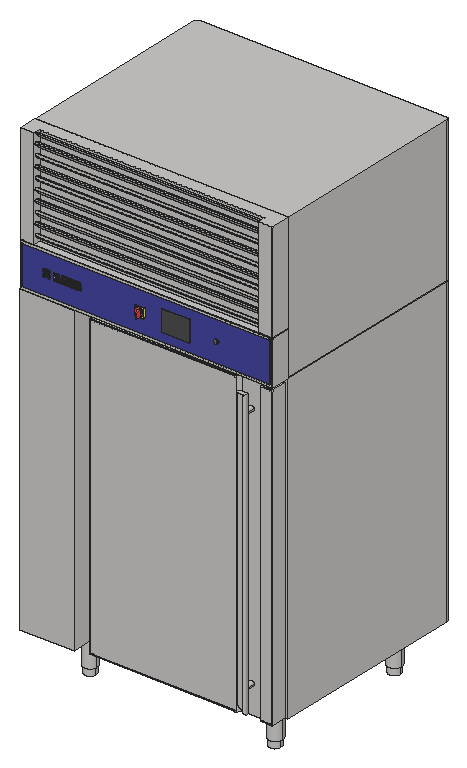
Revit family "QF_NuovAIR_P15.2----", category Specialty Equipment, Revit 2019
Family settings
  Round Connector Dimension = Use Diameter
  Part Type = Normal
  Work Plane-Based = No
  Always vertical = Yes
  Cut with Voids When Loaded = No
  Shared = No
  Room Calculation Point = No
Parameters (values of type "P15.2_LH_400V 50A")
  Weight = 360.00 kg
  Volts = 400 V
  Volt Free Conn = no
  URL Manufacturer = "https://www.nuovair.com/"
  URL Cutsheet = "P15.2-en.pdf"
  URL = ""
  Show Logo [instance] = yes
  Show Clearance [instance] = no
  Refrigeration Suction Line Size = 0 mm
  Refrigeration Liquid Line Size = 0 mm
  Refrigeration Energy Efficiency Index = ""
  Refrigeration Climate Class = ""
  Refrigerant Type = "R452a"
  Refrigerant Compressor Remote = no
  Potential Equalisation = yes
  Phase = 3
  Number of Poles = 3
  Model = "P15.2"
  Mat_Legs = QF_Stainless-Brushed
  Mat_Handle = QF_Stainless-Brushed
  Mat_Clearance = QF_Clearance
  Mat_Case = QF_Stainless-Brushed
  Masterspec = ""
  Manufacturer = "NUOVAIR"
  Main switch integrated = no
  Length Actual = 1085 mm  # constant formula
  Legs_R2 = 25 mm  # constant formula
  Legs_R1 = 30 mm  # constant formula
  Keynote = "0"
  Item Number = "P15.2"
  Identify Quantity as Lot = no
  Horse Power = ""
  Height Actual = 2130 mm  # constant formula
  Foodservice Equipment Identifier = yes
  FilledSide_L = Length Actual - DoorL  # 300 mm
  Energy Efficiency Labelling = ""
  FL Amps = 10 A
  Electric power = 5000000 W
  Elec Connection Height = 1535 mm
  Ele_Note = ""
  DoorL = 70 mm + 645 mm + 70 mm  # 785 mm
  DoorH = Height Actual - 200 mm - 620 mm - 20 mm  # 1290 mm
  Direct Waste Size = 0 mm
  Direct Waste Connection Height = 0 mm
  Description = "Blast Chiller, 24-36 tray GN1/1 - GN2/1- 60x40"
  Description_FR = ""
  Description_ES = ""
  Description_EN = ""
  Description_DE = ""
  Depth Actual = 950 mm  # constant formula
  RH = no
  D15 = 15 mm  # constant formula
  Cycle = 50 Hz
  Conn Plug = "only cable"
  CE Approved = yes
  Author = ""
  Accessory = no
Types (6, lengths in mm): name | Volts | FL Amps | RH | Cycle
  P15.2_LH_400V 50A | 400 V | 10 A | no | 50 Hz
  P15.2_RH_400V 50A | 400 V | 10 A | yes | 50 Hz
  P15.2_LH_440V 60A | 440 V | 11 A | no | 60 Hz
  P15.2_RH_440V 60A | 440 V | 11 A | yes | 60 Hz
  P15.2_LH_230V 60A | 230 V | 21 A | no | 60 Hz
  P15.2_RH_230V 60A | 230 V | 21 A | yes | 60 Hz
Reference planes
  plane 1 "Center (Front/Back)": y = 0
  plane 2: z = 0
  plane 3 "Center (Left/Right)": x = 0
  plane 4 "SX": x = -542.5
  plane 5 "DX": x = 542.5
  plane 6: y = -950
  plane 7: y = -1721
  plane 8: y = -867
  plane 9 "top": z = 2130
  plane 10 "Base": z = 510
  plane 11: x = -582.5
  plane 12: x = 582.5
  plane 13: y = -60
  plane 14: y = -807
  plane 15: x = -482.5
  plane 16: x = 482.5
  plane 17: y = 50
  plane 18 "down": z = 200
  plane 19: x = -397.5
  plane 20: x = 397.5
  plane 21: y = -113.5
  plane 22: y = -753.5
  plane 23 "Center L/S": z = 529
  plane 24 "1": z = 1510
  plane 25: z = 1700
  plane 26: z = 1605
  plane 27: z = 270
  plane 28: z = 1440
  plane 29: x = 472.5
  plane 30: x = -172.5
  plane 31: x = -242.5
  plane 32: x = 150
  plane 33: y = -433.5
  plane 34: x = 302.5
  plane 35: x = 127.5
  plane 36: x = -27.5
  plane 37: z = 2630
Forms (mm)
  Extrusion 1, solid, material "QF_Clearance" <- "Mat_Clearance", visible <- "Show Clearance"
    sketch origin (0, 0, 0) x (1, 0, 0) y (0, 1, 0)
      loop
        line (-542.5, 50) -> (-542.5, -1721) -> (542.5, -1721) -> (542.5, 50) -> (-542.5, 50)
    from 0 to 2130
  Extrusion 2, solid, material "QF_Stainless-Brushed" <- "Mat_Case", detail levels medium+fine
    sketch origin (0, 0, 0) x (1, 0, 0) y (0, 1, 0)
      loop
        arc (-527.5, 0) -> (-538.107, -4.393) -> (-542.5, -15) r 15
        line (-542.5, -15) -> (-542.5, -867) -> (542.5, -867) -> (542.5, -15)
        arc (542.5, -15) -> (538.107, -4.393) -> (527.5, 0) r 15
        line (527.5, 0) -> (-527.5, 0)
      loop
        arc (-467.5, -60) -> (-478.107, -64.393) -> (-482.5, -75) r 15
        line (-482.5, -75) -> (-482.5, -792)
        arc (-482.5, -792) -> (-478.107, -802.607) -> (-467.5, -807) r 15
        line (-467.5, -807) -> (467.5, -807)
        arc (467.5, -807) -> (478.107, -802.607) -> (482.5, -792) r 15
        line (482.5, -792) -> (482.5, -75)
        arc (482.5, -75) -> (478.107, -64.393) -> (467.5, -60) r 15
        line (467.5, -60) -> (-467.5, -60)
    from 200 to 2130
  Extrusion 3, solid, material "QF_Clearance" <- "Mat_Clearance", visible <- "Show Clearance"
    sketch origin (0, 0, 0) x (1, 0, 0) y (0, 1, 0)
      loop
        line (-582.5, 0) -> (-582.5, -950) -> (582.5, -950) -> (582.5, 0) -> (-582.5, 0)
    from 0 to 2130
  Extrusion 4, solid, material "QF_Stainless-Brushed" <- "Mat_Case", detail levels medium+fine
    sketch origin (0, 0, 0) x (1, 0, 0) y (0, 1, 0)
      loop
        line (-482.5, -60) -> (-482.5, -807) -> (482.5, -807) -> (482.5, -60) -> (-482.5, -60)
    from 200 to 510
  Extrusion 5, solid, material "QF_Stainless-Brushed" <- "Mat_Case", detail levels medium+fine
    sketch origin (-986.523, -1524, 2130) x (-1, 0, 0) y (0, -1, 0)
      loop
        line (-504.023, -1464) -> (-504.023, -717) -> (-1469.023, -717) -> (-1469.023, -1464) -> (-504.023, -1464)
    from -40 to 0
  Extrusion 6, solid, material "QF_Stainless-Brushed" <- "Mat_Legs", detail levels medium+fine
    sketch origin (0, 0, 0) x (1, 0, 0) y (0, 1, 0)
      loop
        circle (-397.5, -753.5) r 30
      loop
        circle (397.5, -753.5) r 30
      loop
        circle (397.5, -113.5) r 30
      loop
        circle (-397.5, -113.5) r 30
    from 30 to 200
  Extrusion 7, solid, material "QF_Stainless-Brushed" <- "Mat_Legs", detail levels medium+fine
    sketch origin (0, 0, 0) x (1, 0, 0) y (0, 1, 0)
      loop
        circle (-397.5, -113.5) r 25
      loop
        circle (397.5, -113.5) r 25
      loop
        circle (-397.5, -753.5) r 25
      loop
        circle (397.5, -753.5) r 25
    from 0 to 30
  Extrusion 8, solid, material "QF_Stainless-Brushed" <- "Mat_Case", detail levels medium+fine
    sketch origin (0, 0, 1510) x (-1, 0, 0) y (0, -1, 0)
      loop
        line (540.5, 867) -> (542.5, 869) -> (542.5, 947)
        arc (542.5, 947) -> (541.621, 949.121) -> (539.5, 950) r 3
        line (539.5, 950) -> (-539.5, 950)
        arc (-539.5, 950) -> (-541.621, 949.121) -> (-542.5, 947) r 3
        line (-542.5, 947) -> (-542.5, 869) -> (-540.5, 867) -> (540.5, 867)
    from 0 to 620
  Sweep 9, void
    path origin (0, 0, 1510) x (-1, 0, 0) y (0, -1, 0)
      loop
        line (482.5, 950) -> (-482.5, 950)
    profile "PRF_Air-10 Blade : KTM" origin (0, -950, 1510) x (0, 1, 0) y (0, 0, 1)
      loop
        line (33, 190) -> (33, 206) -> (23, 206) -> (5, 224) -> (5, 234) -> (10, 234) -> (10, 226.071) -> (25.071, 211) -> (33, 211) -> (33, 250) -> (23, 250) -> (5, 268) -> (5, 278) -> (10, 278) -> (10, 270.071) -> (25.071, 255) -> (33, 255) -> (33, 294) -> (23, 294) -> (5, 312) -> (5, 322) -> (10, 322) -> (10, 314.071) -> (25.071, 299) -> (33, 299) -> (33, 338) -> (23, 338) -> (5, 356) -> (5, 366) -> (10, 366) -> (10, 358.071) -> (25.071, 343) -> (33, 343) -> (33, 382) -> (23, 382) -> (5, 400) -> (5, 410) -> (10, 410) -> (10, 402.071) -> (25.071, 387) -> (33, 387) -> (33, 426) -> (23, 426) -> (5, 444) -> (5, 454) -> (10, 454) -> (10, 446.071) -> (25.071, 431) -> (33, 431) -> (33, 470) -> (23, 470) -> (5, 488) -> (5, 498) -> (10, 498) -> (10, 490.071) -> (25.071, 475) -> (33, 475) -> (33, 514) -> (23, 514) -> (5, 532) -> (5, 542) -> (10, 542) -> (10, 534.071) -> (25.071, 519) -> (33, 519) -> (33, 558) -> (23, 558) -> (5, 576) -> (5, 586) -> (10, 586) -> (10, 578.071) -> (25.071, 563) -> (33, 563) -> (33, 602) -> (23, 602) -> (5, 620) -> (5, 630) -> (10, 630) -> (10, 622.071) -> (25.071, 607) -> (33, 607) -> (33, 640) -> (-25, 640) -> (-25, 190) -> (33, 190)
  Sweep 10, void
    path origin (-846.124, -1524, 1700) x (-1, 0, 0) y (0, -1, 0)
      loop
        line (-303.624, -657) -> (-303.624, -574) -> (-1388.624, -574) -> (-1388.624, -657)
    profile "PRF_scalpel : PRF_scalpel" origin (0, -950, 1700) x (0, 1, 0) y (0, 0, 1)
      loop
        line (1, 0) -> (-1, 2) -> (-51, 2) -> (-51, -2) -> (-1, -2) -> (1, 0)
  Extrusion 11, void
    sketch origin (-909.885, -950, 4000) x (-1, 0, 0) y (0, 0, 1)
      loop
        line (-377.385, -2480) -> (-377.385, -2310) -> (-1442.385, -2310) -> (-1442.385, -2480) -> (-377.385, -2480)
    from 0 to 2
  Extrusion 12, solid, material "QF_Plastic-Navy Blue", detail levels medium+fine
    sketch origin (-909.885, -950, 4000) x (-1, 0, 0) y (0, 0, 1)
      loop
        line (-377.385, -2480) -> (-377.385, -2310) -> (-1442.385, -2310) -> (-1442.385, -2480) -> (-377.385, -2480)
    from 0 to 2
  Extrusion 13, solid, material "QF_Rubber-Black", detail levels fine
    sketch origin (-149.885, -950, 4000) x (-1, 0, 0) y (0, 0, 1)
      loop
        circle (-452.385, -2395) r 7.5
    from 0 to -5
  Extrusion 14, solid, material "QF_Plastic-Black-Transparent", detail levels fine
    sketch origin (-909.885, -950, 4000) x (-1, 0, 0) y (0, 0, 1)
      loop
        arc (-979.385, -2440) -> (-977.971, -2439.414) -> (-977.385, -2438) r 2
        line (-977.385, -2438) -> (-977.385, -2352)
        arc (-977.385, -2352) -> (-977.971, -2350.586) -> (-979.385, -2350) r 2
        line (-979.385, -2350) -> (-1095.385, -2350)
        arc (-1095.385, -2350) -> (-1096.8, -2350.586) -> (-1097.385, -2352) r 2
        line (-1097.385, -2352) -> (-1097.385, -2438)
        arc (-1097.385, -2438) -> (-1096.8, -2439.414) -> (-1095.385, -2440) r 2
        line (-1095.385, -2440) -> (-979.385, -2440)
    from 0 to -1
  Extrusion 15, solid, material "QF_Plastic-White-Glossy", visible <- "Show Logo", detail levels fine
    sketch origin (-1502.385, -950, 4000) x (-1, 0, 0) y (0, 0, 1)
      loop
        arc (-1128.781, -2387.416) -> (-1134.776, -2393.41) -> (-1140.77, -2387.416) r 5.994
        line (-1140.77, -2387.416) -> (-1140.77, -2375) -> (-1143.053, -2375) -> (-1143.053, -2387.416)
        arc (-1143.053, -2387.416) -> (-1134.776, -2395.694) -> (-1126.498, -2387.416) r 8.278
        line (-1126.498, -2387.416) -> (-1126.498, -2375) -> (-1128.781, -2375) -> (-1128.781, -2387.416)
      loop
        circle (-1155.915, -2385.424) r 10.27
      loop
        circle (-1155.915, -2385.424) r 7.986
      loop
        line (-1212.558, -2386.793) -> (-1208.232, -2386.793) -> (-1208.232, -2378.14) -> (-1212.558, -2378.14)
        arc (-1212.558, -2378.14) -> (-1216.885, -2382.466) -> (-1212.558, -2386.793) r 4.327
      loop
        arc (-1217.138, -2388.363) -> (-1219.55, -2391.639) -> (-1219.885, -2395.694) r 7.466
        line (-1219.885, -2395.694) -> (-1216.64, -2395.694)
        arc (-1216.64, -2395.694) -> (-1216.089, -2391.758) -> (-1212.558, -2389.933) r 4.327
        line (-1212.558, -2389.933) -> (-1208.232, -2389.933) -> (-1208.232, -2395.694) -> (-1205.377, -2395.694) -> (-1205.377, -2375) -> (-1212.558, -2375)
        arc (-1212.558, -2375) -> (-1219.621, -2380.045) -> (-1217.138, -2388.363) r 7.466
      loop
        line (-1107.955, -2380.624) -> (-1107.955, -2395.694) -> (-1105.672, -2395.694) -> (-1105.672, -2375) -> (-1120.324, -2390.07) -> (-1120.324, -2375) -> (-1122.608, -2375) -> (-1122.608, -2395.694) -> (-1107.955, -2380.624)
      loop
        line (-1200.317, -2395.694) -> (-1197.463, -2395.694) -> (-1197.463, -2375) -> (-1200.317, -2375) -> (-1200.317, -2395.694)
      loop
        line (-1179.711, -2375) -> (-1182.178, -2375) -> (-1173.719, -2395.694) -> (-1165.26, -2375) -> (-1167.726, -2375) -> (-1173.719, -2389.659) -> (-1179.711, -2375)
      loop
        line (-1189.418, -2389.471) -> (-1184.371, -2389.471) -> (-1186.894, -2383.298) -> (-1189.418, -2389.471)
      loop
        line (-1190.468, -2392.04) -> (-1183.321, -2392.04) -> (-1181.827, -2395.694) -> (-1178.435, -2395.694) -> (-1186.894, -2375) -> (-1195.353, -2395.694) -> (-1191.961, -2395.694) -> (-1190.468, -2392.04)
      loop
        line (-1107.153, -2405) -> (-1105.672, -2405) -> (-1105.672, -2398.718) -> (-1107.153, -2398.718) -> (-1107.153, -2405)
      loop
        line (-1112.129, -2405) -> (-1108.839, -2405) -> (-1108.839, -2398.718) -> (-1112.129, -2398.718) -> (-1112.129, -2405)
      loop
        line (-1117.558, -2405) -> (-1113.075, -2405) -> (-1113.075, -2398.718) -> (-1117.558, -2398.718) -> (-1117.558, -2405)
      loop
        line (-1123.275, -2405) -> (-1118.956, -2405) -> (-1118.956, -2398.718) -> (-1123.275, -2398.718) -> (-1123.275, -2405)
      loop
        line (-1127.675, -2405) -> (-1124.22, -2405) -> (-1124.22, -2398.718) -> (-1127.675, -2398.718) -> (-1127.675, -2405)
      loop
        line (-1132.24, -2405) -> (-1128.374, -2405) -> (-1128.374, -2398.718) -> (-1132.24, -2398.718) -> (-1132.24, -2405)
      loop
        line (-1136.189, -2405) -> (-1133.268, -2405) -> (-1133.268, -2398.718) -> (-1136.189, -2398.718) -> (-1136.189, -2405)
      loop
        line (-1141.289, -2405) -> (-1136.858, -2405) -> (-1136.858, -2398.718) -> (-1141.289, -2398.718) -> (-1141.289, -2405)
      loop
        line (-1146.827, -2405) -> (-1142.835, -2405) -> (-1142.835, -2398.718) -> (-1146.827, -2398.718) -> (-1146.827, -2405)
      loop
        line (-1149.816, -2405) -> (-1147.806, -2405) -> (-1147.806, -2398.718) -> (-1149.816, -2398.718) -> (-1149.816, -2405)
      loop
        line (-1157.956, -2405) -> (-1152.881, -2405) -> (-1152.881, -2398.718) -> (-1157.956, -2398.718) -> (-1157.956, -2405)
      loop
        line (-1162.129, -2405) -> (-1158.677, -2405) -> (-1158.677, -2398.718) -> (-1162.129, -2398.718) -> (-1162.129, -2405)
      loop
        line (-1171.712, -2405) -> (-1165.838, -2405) -> (-1165.838, -2398.718) -> (-1171.712, -2398.718) -> (-1171.712, -2405)
      loop
        line (-1175.473, -2405) -> (-1173.025, -2405) -> (-1173.025, -2398.718) -> (-1175.473, -2398.718) -> (-1175.473, -2405)
      loop
        line (-1182.162, -2405) -> (-1176.878, -2405) -> (-1176.878, -2398.718) -> (-1182.162, -2398.718) -> (-1182.162, -2405)
      loop
        line (-1187.601, -2405) -> (-1183.801, -2405) -> (-1183.801, -2398.718) -> (-1187.601, -2398.718) -> (-1187.601, -2405)
      loop
        line (-1192.468, -2405) -> (-1188.434, -2405) -> (-1188.434, -2398.718) -> (-1192.468, -2398.718) -> (-1192.468, -2405)
      loop
        line (-1197.309, -2405) -> (-1193.587, -2405) -> (-1193.587, -2398.718) -> (-1197.309, -2398.718) -> (-1197.309, -2405)
      loop
        line (-1201.63, -2405) -> (-1198.272, -2405) -> (-1198.272, -2398.718) -> (-1201.63, -2398.718) -> (-1201.63, -2405)
      loop
        line (-1205.924, -2405) -> (-1202.618, -2405) -> (-1202.618, -2398.718) -> (-1205.924, -2398.718) -> (-1205.924, -2405)
      loop
        line (-1208.188, -2405) -> (-1206.731, -2405) -> (-1206.731, -2398.718) -> (-1208.188, -2398.718) -> (-1208.188, -2405)
      loop
        line (-1212.717, -2405) -> (-1208.995, -2405) -> (-1208.995, -2398.718) -> (-1212.717, -2398.718) -> (-1212.717, -2405)
      loop
        line (-1219.885, -2405) -> (-1213.888, -2405) -> (-1213.888, -2398.718) -> (-1219.885, -2398.718) -> (-1219.885, -2405)
    from 0 to -1
  Extrusion 16, solid, material "QF_Plastic-Cyan", visible <- "Show Logo", detail levels fine
    sketch origin (-1502.385, -950, 4000) x (-1, 0, 0) y (0, 0, 1)
      loop
        line (-1078.274, -2379.585) -> (-1078.274, -2385.401) -> (-1074.885, -2388.789) -> (-1071.497, -2385.401) -> (-1071.497, -2379.585) -> (-1074.885, -2382.974) -> (-1078.274, -2379.585)
      loop
        line (-1089.435, -2395.101) -> (-1081.197, -2395.101) -> (-1084.814, -2398.718) -> (-1089.885, -2398.718) -> (-1089.885, -2400.43) -> (-1086.527, -2400.43) -> (-1089.045, -2402.948) -> (-1087.834, -2404.159) -> (-1085.316, -2401.641) -> (-1085.316, -2405) -> (-1083.603, -2405) -> (-1083.603, -2399.929) -> (-1079.986, -2396.312) -> (-1079.986, -2404.549) -> (-1074.885, -2399.448) -> (-1069.784, -2404.549) -> (-1069.784, -2396.312) -> (-1066.168, -2399.929) -> (-1066.168, -2405) -> (-1064.455, -2405) -> (-1064.455, -2401.641) -> (-1061.937, -2404.159) -> (-1060.726, -2402.948) -> (-1063.244, -2400.43) -> (-1059.885, -2400.43) -> (-1059.885, -2398.718) -> (-1064.957, -2398.718) -> (-1068.573, -2395.101) -> (-1060.336, -2395.101) -> (-1065.437, -2390) -> (-1060.336, -2384.899) -> (-1068.573, -2384.899) -> (-1064.957, -2381.282) -> (-1059.885, -2381.282) -> (-1059.885, -2379.57) -> (-1063.244, -2379.57) -> (-1060.726, -2377.052) -> (-1061.937, -2375.841) -> (-1064.455, -2378.359) -> (-1064.455, -2375) -> (-1066.168, -2375) -> (-1066.168, -2380.071) -> (-1069.784, -2383.688) -> (-1069.784, -2375.451) -> (-1074.885, -2380.552) -> (-1079.986, -2375.451) -> (-1079.986, -2383.688) -> (-1083.603, -2380.071) -> (-1083.603, -2375) -> (-1085.316, -2375) -> (-1085.316, -2378.359) -> (-1087.834, -2375.841) -> (-1089.045, -2377.052) -> (-1086.527, -2379.57) -> (-1089.885, -2379.57) -> (-1089.885, -2381.282) -> (-1084.814, -2381.282) -> (-1081.197, -2384.899) -> (-1089.435, -2384.899) -> (-1084.334, -2390) -> (-1089.435, -2395.101)
      loop
        line (-1064.471, -2393.388) -> (-1067.859, -2390) -> (-1064.471, -2386.612) -> (-1070.286, -2386.612) -> (-1073.674, -2390) -> (-1070.286, -2393.388) -> (-1064.471, -2393.388)
      loop
        line (-1085.3, -2393.388) -> (-1079.485, -2393.388) -> (-1076.096, -2390) -> (-1079.485, -2386.612) -> (-1085.3, -2386.612) -> (-1081.912, -2390) -> (-1085.3, -2393.388)
      loop
        line (-1078.274, -2400.415) -> (-1074.885, -2397.026) -> (-1071.497, -2400.415) -> (-1071.497, -2394.599) -> (-1074.885, -2391.211) -> (-1078.274, -2394.599) -> (-1078.274, -2400.415)
    from 0 to -1
  Sweep 17, void
    path origin (-846.124, -1524, 1510) x (-1, 0, 0) y (0, -1, 0)
      loop
        line (-303.624, -1524) -> (-303.624, -657) -> (-1388.624, -657) -> (-1388.624, -1524) -> (-303.624, -1524)
    profile "PRF_scalpel : PRF_scalpel" origin (0, 0, 1510) x (0, 1, 0) y (0, 0, 1)
      loop
        line (-1, 0) -> (1, -2) -> (51, -2) -> (51, 2) -> (1, 2) -> (-1, 0)
  Extrusion 18, solid, material "QF_Clearance" <- "Mat_Clearance", visible <- "Show Clearance"
    sketch origin (0, 0, 0) x (1, 0, 0) y (0, 1, 0)
      loop
        line (-542.5, -950) -> (542.5, -950) -> (542.5, 0) -> (-542.5, 0) -> (-542.5, -950)
    from 0 to 2630
Cuts and joins
  Sweep 17 cuts Extrusion 2
  joined: Extrusion 2, Extrusion 4, Extrusion 5
  joined: Extrusion 1, Extrusion 3
  Sweep 9, Sweep 10, Extrusion 11 cuts Extrusion 8
Lines and regions (mm)
  model lines, style "InvisibleLines"
    curve 1: line (-50, 0, 0) -> (50, 0, 0)
    curve 2: line (0, 50, 0) -> (0, -50, 0)
  model lines, style "QF_Case", detail levels coarse
    curve 3: line (-542.5, 0, 0) -> (542.5, 0, 0)
    curve 4: line (-542.5, -950, 0) -> (-542.5, 0, 0)
    curve 5: line (542.5, -950, 0) -> (-542.5, -950, 0)
    curve 6: line (542.5, 0, 0) -> (542.5, -950, 0)
    curve 7: line (542.5, -950, 2130) -> (542.5, -950, 0)
    curve 8: line (542.5, 0, 2130) -> (542.5, 0, 0)
    curve 9: line (-542.5, -950, 2130) -> (-542.5, -950, 0)
    curve 10: line (-542.5, 0, 2130) -> (-542.5, 0, 0)
    curve 11: line (-542.5, 0, 2130) -> (542.5, 0, 2130)
    curve 12: line (-542.5, -950, 2130) -> (-542.5, 0, 2130)
    curve 13: line (542.5, -950, 2130) -> (-542.5, -950, 2130)
    curve 14: line (542.5, 0, 2130) -> (542.5, -950, 2130)
  reference lines
    curve 15: line (-442.5, -950, 1660) -> (-442.5, -950, 1535)
    curve 16: line (-282.5, -950, 1650) -> (-282.5, -950, 1535)
Dimensions and locks
  curve 1 to plane 3 "Center (Left/Right)" to curve 1 = 50 mm locked, 50 mm locked
  curve 2 to plane 1 "Center (Front/Back)" to curve 2 = 50 mm locked, 50 mm locked
  "Height Actual": plane 9 "top" to level
  "Depth Actual": plane 6 to plane 1 "Center (Front/Back)"
  locked: plane 11 to plane 4 "SX" at 40
  locked: plane 5 "DX" to plane 12 at 40
  locked: plane 13 to plane 1 "Center (Front/Back)" at 60
  locked: plane 14 to plane 8 at 60
  locked: plane 1 "Center (Front/Back)" to plane 17 at 50
  locked: plane 8 to plane 6 at 83
  locked: plane 18 "down" to plane 2 at 200
  equal spacing: plane 4 "SX", plane 3 "Center (Left/Right)", plane 5 "DX"
  "Length Actual": plane 4 "SX" to plane 5 "DX"
  locked: plane 7 to plane 1 "Center (Front/Back)" at 1721
  locked: plane 16 to plane 5 "DX" at 60
  plane 23 "Center L/S" to plane 10 "Base" = 19 mm
  locked: plane 4 "SX" to plane 15 at 60
  plane 10 "Base" to plane 18 "down" = 310 mm
  plane 24 "1" to plane 2 = 1510 mm
  locked: plane 25 to plane 24 "1" at 190
  locked: Extrusion 11 sketch curve to plane 24 "1" at 10
  locked: plane 25 to Extrusion 11 sketch curve at 10
  locked: Extrusion 11 sketch curve to plane 4 "SX" at 10
  locked: plane 5 "DX" to Extrusion 11 sketch curve at 10
  Extrusion 12 sketch curve to plane 4 "SX" = 10 mm
  plane 5 "DX" to Extrusion 12 sketch curve = 10 mm
  Extrusion 12 sketch curve to plane 24 "1" = 10 mm
  plane 25 to Extrusion 12 sketch curve = 10 mm
  equal spacing: plane 25, plane 26, plane 24 "1", locked at 95 each
  locked: plane 28 to plane 27 at 1170
  locked: plane 24 "1" to plane 28 at 70
  locked: plane 29 to plane 5 "DX" at 70
  locked: plane 30 to plane 29 at 645
  locked: plane 31 to plane 30 at 70
  equal spacing: plane 30, plane 32, plane 29
  locked: plane 27 to plane 2 at 270
  equal spacing: plane 19, plane 3 "Center (Left/Right)", plane 20
  locked: plane 19 to plane 20 at 795
  equal spacing: plane 8, plane 33, plane 1 "Center (Front/Back)"
  equal spacing: plane 21, plane 33, plane 22
  locked: plane 21 to plane 22 at 640
  locked: curve 15 to plane 4 "SX" at 100
  locked: curve 16 to plane 4 "SX" at 260
  locked: plane 5 "DX" to plane 34 at 240
  locked: plane 34 to plane 35 at 175
  locked: plane 35 to plane 36 at 155
  locked: plane 35 to Extrusion 14 sketch curve at 60
  locked: Extrusion 14 sketch curve to plane 35 at 60
  locked: Extrusion 14 sketch curve to plane 26 at 45
  locked: plane 26 to Extrusion 14 sketch curve at 45
  locked: plane 37 to plane 9 "top" at 500
  Extrusion 12 to Extrusion 18 = 1075 mm
  "D15": radius of Extrusion 2 sketch curve  (x6)
  "Legs_R1": radius of Extrusion 6 sketch curve  (x4)
  "Legs_R2": radius of Extrusion 7 sketch curve  (x4)
  aligned and locked: level to plane 2
  aligned and locked: plane 4 "SX" to Extrusion 1 sketch curve
  aligned and locked: plane 7 to Extrusion 1 sketch curve
  aligned and locked: Extrusion 1 sketch curve to plane 5 "DX"
  aligned and locked: plane 9 "top" to Extrusion 1
  aligned and locked: plane 1 "Center (Front/Back)" to Extrusion 2 sketch curve
  aligned and locked: Extrusion 2 sketch curve to plane 5 "DX"
  aligned and locked: plane 4 "SX" to Extrusion 2 sketch curve
  aligned and locked: plane 1 "Center (Front/Back)" to curve 3
  aligned and locked: plane 6 to curve 5
  aligned and locked: curve 6 to plane 5 "DX"
  aligned and locked: plane 4 "SX" to curve 4
  aligned and locked: plane 9 "top" to curve 8
  aligned and locked: plane 9 "top" to curve 7
  aligned and locked: plane 9 "top" to curve 10
  aligned and locked: plane 9 "top" to curve 9
  aligned and locked: level to curve 8
  aligned and locked: level to curve 7
  aligned and locked: level to curve 10
  aligned and locked: level to curve 9
  aligned and locked: curve 8 to plane 1 "Center (Front/Back)"
  aligned and locked: curve 10 to plane 1 "Center (Front/Back)"
  aligned and locked: plane 6 to curve 7
  aligned and locked: plane 6 to curve 9
  aligned and locked: plane 1 "Center (Front/Back)" to Extrusion 3 sketch curve
  aligned and locked: plane 11 to Extrusion 3 sketch curve
  aligned and locked: plane 6 to Extrusion 3 sketch curve
  aligned and locked: Extrusion 3 sketch curve to plane 12
  aligned and locked: plane 9 "top" to Extrusion 3
  aligned and locked: plane 8 to Extrusion 2 sketch curve
  aligned and locked: Extrusion 2 sketch curve to plane 13
  aligned and locked: plane 15 to Extrusion 2 sketch curve
  aligned and locked: Extrusion 2 sketch curve to plane 16
  aligned and locked: Extrusion 2 sketch curve to plane 14
  aligned and locked: plane 15 to Extrusion 4 sketch curve
  aligned and locked: Extrusion 4 sketch curve to plane 13
  aligned and locked: Extrusion 4 sketch curve to plane 16
  aligned and locked: plane 14 to Extrusion 4 sketch curve
  aligned and locked: plane 15 to Extrusion 5 sketch curve
  aligned and locked: Extrusion 5 sketch curve to plane 13
  aligned and locked: Extrusion 5 sketch curve to plane 16
  aligned and locked: plane 14 to Extrusion 5 sketch curve
  aligned and locked: Extrusion 1 sketch curve to plane 17
  aligned and locked: plane 10 "Base" to cut or joined group of Extrusion 2, Extrusion 4, Extrusion 5, Sweep 17
  aligned and locked: cut or joined group of Extrusion 2, Extrusion 4, Extrusion 5, Sweep 17 to plane 18 "down"  (x2)
  aligned and locked: plane 19 to Extrusion 6 sketch curve  (x2)
  aligned and locked: plane 22 to Extrusion 6 sketch curve  (x2)
  aligned and locked: plane 21 to Extrusion 6 sketch curve  (x2)
  aligned and locked: plane 20 to Extrusion 6 sketch curve  (x2)
  aligned and locked: plane 18 "down" to Extrusion 6
  aligned and locked: plane 19 to Extrusion 7 sketch curve  (x2)
  aligned and locked: plane 21 to Extrusion 7 sketch curve  (x2)
  aligned and locked: plane 20 to Extrusion 7 sketch curve  (x2)
  aligned and locked: plane 22 to Extrusion 7 sketch curve  (x2)
  aligned and locked: plane 1 "Center (Front/Back)" to curve 11
  aligned and locked: plane 6 to curve 13
  aligned and locked: plane 4 "SX" to nested 1
  aligned and locked: nested 1 to plane 1 "Center (Front/Back)"
  aligned and locked: Extrusion 8 sketch curve to plane 8
  aligned and locked: plane 4 "SX" to Extrusion 8 sketch curve
  aligned and locked: Extrusion 8 sketch curve to plane 5 "DX"
  aligned and locked: plane 6 to Extrusion 8 sketch curve
  aligned and locked: plane 15 to Sweep 9 sketch curve
  aligned and locked: plane 16 to Sweep 9 sketch curve
  aligned and locked: Sweep 9 sketch curve to plane 6
  aligned and locked: Extrusion 8 to plane 24 "1"
  aligned and locked: plane 9 "top" to Extrusion 2
  aligned and locked: plane 9 "top" to Extrusion 8
  aligned and locked: Sweep 10 sketch curve to plane 4 "SX"
  aligned and locked: plane 5 "DX" to Sweep 10 sketch curve
  aligned and locked: Sweep 10 sketch curve to plane 6
  aligned and locked: plane 8 to Sweep 10 sketch curve  (x2)
  aligned and locked: Extrusion 12 to plane 6
  aligned and locked: nested 2 to plane 26
  aligned and locked: plane 26 to Extrusion 13 sketch curve
  aligned and locked: plane 6 to Extrusion 13
  aligned and locked: Extrusion 14 to plane 6
  aligned and locked: Extrusion 15 to plane 6
  aligned and locked: Extrusion 16 to plane 6
  aligned and locked: plane 8 to Sweep 17 sketch curve
  aligned and locked: Sweep 17 sketch curve to plane 5 "DX"
  aligned and locked: plane 4 "SX" to Sweep 17 sketch curve
  aligned and locked: plane 1 "Center (Front/Back)" to Sweep 17 sketch curve
  aligned and locked: Extrusion 5 to plane 9 "top"
  aligned and locked: plane 1 "Center (Front/Back)" to nested 3
  aligned and locked: plane 3 "Center (Left/Right)" to nested 3
  aligned and locked: Extrusion 15 to curve 16
  aligned and locked: curve 15 to Extrusion 16
  aligned and locked: plane 34 to Extrusion 13 sketch curve
  aligned and locked: plane 36 to nested 2
  aligned and locked: Extrusion 18 sketch curve to plane 1 "Center (Front/Back)"
  aligned and locked: Extrusion 18 sketch curve to plane 4 "SX"
  aligned and locked: plane 5 "DX" to Extrusion 18 sketch curve
  aligned and locked: Extrusion 18 sketch curve to plane 6
  aligned and locked: plane 37 to Extrusion 18
  aligned and locked: Extrusion 18 to level
Automatic sketch dimensions
  curve 2 to plane 3 "Center (Left/Right)" = 0 mm
  plane 1 "Center (Front/Back)" to curve 1 = 0 mm
  curve 11 to plane 5 "DX" = 0 mm
  curve 13 to plane 4 "SX" = 0 mm
  Extrusion 8 sketch curve to plane 5 "DX" = 2 mm
  Extrusion 8 sketch curve to Extrusion 8 sketch curve = 3 mm
  plane 4 "SX" to Extrusion 8 sketch curve = 3 mm
  plane 4 "SX" to Extrusion 8 sketch curve = 2 mm
  Extrusion 8 sketch curve to plane 8 = 2 mm  (x2)
  Extrusion 14 sketch curve to Extrusion 14 sketch curve = 2 mm  (x4)
  level to Extrusion 16 sketch curve = 1595 mm  (x2)
  Extrusion 16 sketch curve to plane 3 "Center (Left/Right)" = 442.5 mm  (x2)
  Extrusion 16 sketch curve to plane 3 "Center (Left/Right)" = 442.049 mm  (x2)
  Extrusion 16 sketch curve to plane 3 "Center (Left/Right)" = 441.659 mm  (x2)
  level to Extrusion 16 sketch curve = 1595.841 mm  (x2)
  Extrusion 16 sketch curve to Extrusion 16 sketch curve = 1.211 mm  (x31)
  Extrusion 16 sketch curve to plane 3 "Center (Left/Right)" = 439.141 mm  (x2)
  Extrusion 16 sketch curve to Extrusion 16 sketch curve = 2.518 mm  (x3)
  Extrusion 16 sketch curve to Extrusion 16 sketch curve = 4.135 mm  (x5)
  Extrusion 16 sketch curve to Extrusion 16 sketch curve = 1.713 mm  (x18)
  Extrusion 16 sketch curve to Extrusion 16 sketch curve = 0.966 mm  (x3)
  Extrusion 16 sketch curve to Extrusion 16 sketch curve = 2.422 mm  (x3)
  Extrusion 16 sketch curve to Extrusion 16 sketch curve = 4.103 mm  (x3)
  Extrusion 16 sketch curve to Extrusion 16 sketch curve = 3.617 mm  (x7)
  level to Extrusion 16 sketch curve = 1595.451 mm  (x2)
  level to Extrusion 16 sketch curve = 1599.585 mm  (x2)
  Extrusion 16 sketch curve to Extrusion 16 sketch curve = 3.388 mm  (x6)
  Extrusion 16 sketch curve to Extrusion 16 sketch curve = 0 mm  (x4)
  Extrusion 16 sketch curve to Extrusion 16 sketch curve = 2.427 mm  (x2)
  level to Extrusion 16 sketch curve = 1599.57 mm
  level to Extrusion 16 sketch curve = 1597.052 mm
  level to Extrusion 16 sketch curve = 1604.899 mm
  Extrusion 16 sketch curve to Extrusion 16 sketch curve = 0.841 mm  (x2)
  Extrusion 16 sketch curve to Extrusion 16 sketch curve = 0.451 mm  (x2)
  Extrusion 15 sketch curve to Extrusion 15 sketch curve = 0 mm  (x57)
  Extrusion 15 sketch curve to plane 32 = 432.5 mm
  Extrusion 15 sketch curve to Extrusion 15 sketch curve = 3.245 mm
  Extrusion 15 sketch curve to Extrusion 15 sketch curve = 2.752 mm
  Extrusion 15 sketch curve to Extrusion 15 sketch curve = 1.171 mm
  Extrusion 15 sketch curve to Extrusion 15 sketch curve = 4.082 mm
  Extrusion 15 sketch curve to Extrusion 15 sketch curve = 3.722 mm
  Extrusion 15 sketch curve to Extrusion 15 sketch curve = 4.327 mm  (x2)
  Extrusion 15 sketch curve to Extrusion 15 sketch curve = 0.764 mm
  Extrusion 15 sketch curve to Extrusion 15 sketch curve = 0.807 mm  (x2)
  Extrusion 15 sketch curve to Extrusion 15 sketch curve = 1.457 mm
  Extrusion 15 sketch curve to Extrusion 15 sketch curve = 2.854 mm  (x2)
  Extrusion 15 sketch curve to Extrusion 15 sketch curve = 3.306 mm
  Extrusion 15 sketch curve to Extrusion 15 sketch curve = 0.989 mm
  Extrusion 15 sketch curve to Extrusion 15 sketch curve = 5.06 mm
  Extrusion 15 sketch curve to Extrusion 15 sketch curve = 3.358 mm
  Extrusion 15 sketch curve to Extrusion 15 sketch curve = 0.963 mm
  Extrusion 15 sketch curve to Extrusion 15 sketch curve = 2.11 mm
  Extrusion 15 sketch curve to Extrusion 15 sketch curve = 1.766 mm
  Extrusion 15 sketch curve to Extrusion 15 sketch curve = 1.119 mm
  Extrusion 15 sketch curve to Extrusion 15 sketch curve = 0.507 mm
  Extrusion 15 sketch curve to Extrusion 15 sketch curve = 1.494 mm
  Extrusion 15 sketch curve to Extrusion 15 sketch curve = 1.05 mm  (x2)
  Extrusion 15 sketch curve to Extrusion 15 sketch curve = 4.034 mm
  Extrusion 15 sketch curve to Extrusion 15 sketch curve = 0.833 mm
  Extrusion 15 sketch curve to Extrusion 15 sketch curve = 2.523 mm
  Extrusion 15 sketch curve to Extrusion 15 sketch curve = 5.047 mm
  Extrusion 15 sketch curve to Extrusion 15 sketch curve = 3.8 mm
  Extrusion 15 sketch curve to Extrusion 15 sketch curve = 4.717 mm
  Extrusion 15 sketch curve to Extrusion 15 sketch curve = 1.64 mm
  Extrusion 15 sketch curve to Extrusion 15 sketch curve = 0.334 mm
  Extrusion 15 sketch curve to Extrusion 15 sketch curve = 2.467 mm  (x2)
  Extrusion 15 sketch curve to Extrusion 15 sketch curve = 3.392 mm
  Extrusion 15 sketch curve to Extrusion 15 sketch curve = 1.557 mm
  Extrusion 15 sketch curve to Extrusion 15 sketch curve = 1.405 mm
  Extrusion 15 sketch curve to Extrusion 15 sketch curve = 1.754 mm
  Extrusion 15 sketch curve to Extrusion 15 sketch curve = 2.447 mm
  Extrusion 15 sketch curve to Extrusion 15 sketch curve = 1.314 mm
  Extrusion 15 sketch curve to Extrusion 15 sketch curve = 11.984 mm
  Extrusion 15 sketch curve to Extrusion 15 sketch curve = 5.873 mm
  Extrusion 15 sketch curve to Extrusion 15 sketch curve = 3.71 mm
  Extrusion 15 sketch curve to Extrusion 15 sketch curve = 3.452 mm
  Extrusion 15 sketch curve to Extrusion 15 sketch curve = 0.721 mm
  Extrusion 15 sketch curve to Extrusion 15 sketch curve = 2.041 mm
  Extrusion 15 sketch curve to Extrusion 15 sketch curve = 5.075 mm
  Extrusion 15 sketch curve to Extrusion 15 sketch curve = 3.065 mm
  Extrusion 15 sketch curve to Extrusion 15 sketch curve = 2.009 mm
  Extrusion 15 sketch curve to Extrusion 15 sketch curve = 0.979 mm
  Extrusion 15 sketch curve to Extrusion 15 sketch curve = 12.862 mm
  Extrusion 15 sketch curve to Extrusion 15 sketch curve = 3.993 mm
  Extrusion 15 sketch curve to Extrusion 15 sketch curve = 1.546 mm
  Extrusion 15 sketch curve to Extrusion 15 sketch curve = 2.283 mm  (x3)
  Extrusion 15 sketch curve to Extrusion 15 sketch curve = 4.431 mm
  Extrusion 15 sketch curve to Extrusion 15 sketch curve = 0.67 mm
  Extrusion 15 sketch curve to Extrusion 15 sketch curve = 5.994 mm
  Extrusion 15 sketch curve to Extrusion 15 sketch curve = 2.92 mm
  Extrusion 15 sketch curve to Extrusion 15 sketch curve = 1.028 mm
  Extrusion 15 sketch curve to Extrusion 15 sketch curve = 3.866 mm
  Extrusion 15 sketch curve to Extrusion 15 sketch curve = 0.699 mm
  Extrusion 15 sketch curve to Extrusion 15 sketch curve = 3.455 mm
  Extrusion 15 sketch curve to Extrusion 15 sketch curve = 0.946 mm  (x2)
  Extrusion 15 sketch curve to Extrusion 15 sketch curve = 0.667 mm
  Extrusion 15 sketch curve to Extrusion 15 sketch curve = 4.319 mm
  Extrusion 15 sketch curve to Extrusion 15 sketch curve = 1.398 mm
  Extrusion 15 sketch curve to Extrusion 15 sketch curve = 4.483 mm
  Extrusion 15 sketch curve to Extrusion 15 sketch curve = 3.29 mm
  Extrusion 15 sketch curve to Extrusion 15 sketch curve = 0.883 mm
  Extrusion 15 sketch curve to Extrusion 15 sketch curve = 1.686 mm
  Extrusion 15 sketch curve to Extrusion 15 sketch curve = 1.481 mm
  plane 28 to Extrusion 15 sketch curve = 155 mm
  Extrusion 15 sketch curve to Extrusion 15 sketch curve = 6.282 mm  (x5)
  Extrusion 15 sketch curve to Extrusion 15 sketch curve = 3.024 mm  (x7)
  Extrusion 15 sketch curve to Extrusion 15 sketch curve = 1.435 mm
  Extrusion 15 sketch curve to Extrusion 15 sketch curve = 3.654 mm
  Extrusion 15 sketch curve to Extrusion 15 sketch curve = 5.624 mm  (x2)
  Extrusion 15 sketch curve to Extrusion 15 sketch curve = 6.035 mm
  Extrusion 15 sketch curve to Extrusion 15 sketch curve = 2.569 mm
  Extrusion 15 sketch curve to Extrusion 15 sketch curve = 11.301 mm
  Extrusion 15 sketch curve to Extrusion 15 sketch curve = 3.14 mm  (x3)
  Extrusion 15 sketch curve to Extrusion 15 sketch curve = 1.992 mm
  Extrusion 15 sketch curve to Extrusion 15 sketch curve = 6.173 mm
  Extrusion 15 sketch curve to Extrusion 15 sketch curve = 15.07 mm
  Extrusion 15 sketch curve to Extrusion 15 sketch curve = 8.298 mm
  Extrusion 15 sketch curve to Extrusion 15 sketch curve = 12.416 mm
  plane 24 "1" to curve 15 = 25 mm
  plane 24 "1" to curve 16 = 25 mm
  plane 26 to curve 16 = 45 mm
  curve 15 to plane 25 = 40 mm
  radius of Extrusion 13 sketch curve = 7.5 mm
  radius of Extrusion 15 sketch curve = 10.27 mm
  radius of Extrusion 15 sketch curve = 7.986 mm
Nested families
  nested 1: "Connection_DxSx" at (-542.5, 0, 1535) x (-1, 0, 0) z (0, 0, 1), built-in parameter 1001364 <- "Elec Connection Height", type "KTM", not visible
    with Width_DX 0 mm, Width Offset 60 mm, Depth Offset 0 mm, DX no
  nested 2: "Manopola_40x40" at (-27.5, -950, 1605) x (1, 0, 0) z (0, -1, 0), type "Manopola_40x40", detail levels fine
    with Mat_B QF_Plastic-Red, Mat_A QF_Plastic-Yellow
  nested 3: "Door_G_Disassata" at (150, 0, 210), DX <- "RH", Depth <- "Depth Actual", Door Width <- "DoorL", Door Height <- "DoorH", FilledSide_L <- "FilledSide_L", Mat_Case <- "Mat_Case", Mat_Handle <- "Mat_Case", type "KTM", detail levels medium+fine
    with VoidSup_Offset 10 mm, VoidSX_Offset 65 mm, VoidInf_Offset 10 mm, VoidDX_Offset 65 mm, SX yes, RD 795 mm, Plate 341.5 mm, Mat_Seal QF_Rubber-Black, Mat_Handle QF_Stainless-Brushed, Mat_Case QF_Stainless-Brushed, Logo yes, Handle_Sx 683 mm, Handle_H 1230 mm, Filled_SX 300 mm, Filled_DX 0 mm, FilledSide_L 300 mm, Door Width 785 mm, Door Height 1290 mm, Depth Offset 83 mm, Depth 950 mm, DX no, 2D_Offset 10 mm
Connectors
  electrical at (-482.5, 0.5, 1535), driven by "Number of Poles", driven by "Volts", driven by "Electric power", driven by "Ele_Note"
    settings: on nested 1, index 6, voltage 400 V, apparent load 5000000 VA, apparent load phase1 0 VA, apparent load phase2 0 VA, apparent load phase3 0 VA, power factor 1, load classification "Power", number of poles 3, system type 30, power factor state 1, is connector primary yes, connector utility no, sub classification motor no, connector description ""
Definition of nested family "Connection_DxSx"
  Parameters (values of type "KTM")
    Width_DX [instance] = if(DX, Width Offset * 2, 0 mm)  # 120 mm
    Width Offset [instance] = 60 mm
    Manufacturer = "Gjiom by www.RevitLandia.com"  # constant formula
    Depth Offset [instance] = 50 mm
    Default Elevation = 0 mm
    DX [instance] = yes
  Reference planes
    plane 1 "Center (Front/Back)": y = 0
    plane 2: z = 0
    plane 3 "Center (Left/Right)": x = 0
    plane 4 "Depth Offset": y = -50
    plane 5: x = 60
    plane 6: x = -60
  Forms (mm)
    Extrusion 1, solid
      sketch origin (0, 0, 0) x (1, 0, 0) y (0, 1, 0)
        loop
          circle (60, -50) r 15
      from -0.5 to 0.5
    Extrusion 2, solid
      sketch origin (0, -50, 0) x (-1, 0, 0) y (0, 0, 1)
        loop
          circle (-60, 0) r 15
      from -0.5 to 0.5
    Extrusion 3, solid
      sketch origin (60, 93.537, 4000) x (0, 1, 0) y (0, 0, 1)
        loop
          circle (-143.537, -4000) r 15
      from -0.5 to 0.5
  Lines and regions (mm)
    model lines
      curve 1: line (0, 0, 0) -> (0, -20, 0)
  Dimensions and locks
    "Depth Offset": plane 1 "Center (Front/Back)" to plane 4 "Depth Offset"
    "Width Offset": plane 6 to plane 3 "Center (Left/Right)"
    "Width_DX": plane 6 to plane 5
    aligned and locked: level to plane 2
    aligned and locked: plane 4 "Depth Offset" to Extrusion 1 sketch curve
    aligned and locked: level to Extrusion 2 sketch curve
    aligned and locked: level to Extrusion 3 sketch curve
    aligned and locked: plane 4 "Depth Offset" to Extrusion 3 sketch curve
    aligned and locked: plane 5 to Extrusion 1 sketch curve
    aligned and locked: plane 5 to Extrusion 2 sketch curve
  Automatic sketch dimensions
    curve 1 to plane 3 "Center (Left/Right)" = 0 mm
    plane 1 "Center (Front/Back)" to curve 1 = 0 mm
    plane 1 "Center (Front/Back)" to curve 1 = 20 mm
    radius of Extrusion 1 sketch curve = 15 mm
    radius of Extrusion 2 sketch curve = 15 mm
    radius of Extrusion 3 sketch curve = 15 mm
Definition of nested family "Manopola_40x40"
  Parameters (values of type "Manopola_40x40")
    Mat_A [instance] = none
    Default Elevation = 1219.2 mm
    Mat_B [instance] = none
  Reference planes
    plane 1 "Centro (Fronte/Retro)": y = 0
    plane 2: z = 0
    plane 3 "Centro (Sinistra/Destra)": x = 0
    plane 4: z = 20
    plane 5: z = 4
    plane 6: x = -20
    plane 7: x = 20
    plane 8: y = 20
    plane 9: y = -20
    plane 10: z = 5
    plane 11: z = 6
  Forms (mm)
    Extrusion 1, solid, material <- "Mat_A"
      sketch origin (0, 0, 0) x (1, 0, 0) y (0, 1, 0)
        loop
          arc (-18, 20) -> (-19.414, 19.414) -> (-20, 18) r 2
          line (-20, 18) -> (-20, -18)
          arc (-20, -18) -> (-19.414, -19.414) -> (-18, -20) r 2
          line (-18, -20) -> (18, -20)
          arc (18, -20) -> (19.414, -19.414) -> (20, -18) r 2
          line (20, -18) -> (20, 18)
          arc (20, 18) -> (19.414, 19.414) -> (18, 20) r 2
          line (18, 20) -> (-18, 20)
      from 0 to 4
    Extrusion 2, solid, material <- "Mat_B"
      sketch origin (0, 0, 0) x (1, 0, 0) y (0, 1, 0)
        loop
          circle (0, 0) r 18
      from 4 to 5
    Extrusion 3, solid, material <- "Mat_B"
      sketch origin (0, 0, 0) x (1, 0, 0) y (0, 1, 0)
        loop
          circle (0, 0) r 9
      from 5 to 6
    Blend 4, solid, material <- "Mat_B"
      base sketch origin (0, 0, 0) x (1, 0, 0) y (0, 1, 0)
        loop
          line (-5.402, 7.199) -> (-3.551, -19.27)
          arc (-3.551, -19.27) -> (0, -20) -> (3.551, -19.27) r 9
          line (3.551, -19.27) -> (5.402, 7.199)
          arc (5.402, 7.199) -> (0, 9) -> (-5.402, 7.199) r 9
      top sketch origin (0, 0, 0) x (1, 0, 0) y (0, 1, 0)
        loop
          line (-3.834, -0.858) -> (-3.512, -19.286)
          arc (-3.512, -19.286) -> (0, -20) -> (3.512, -19.286) r 9
          line (3.512, -19.286) -> (3.834, -0.858)
          arc (3.834, -0.858) -> (0, 0) -> (-3.834, -0.858) r 9
      from 6 to 20
  Cuts and joins
    joined: Extrusion 3, Blend 4
  Dimensions and locks
    locked: plane 4 to plane 2 at 20
    locked: plane 5 to plane 2 at 4
    equal spacing: plane 8, plane 1 "Centro (Fronte/Retro)", plane 9
    locked: plane 8 to plane 9 at 40
    equal spacing: plane 6, plane 3 "Centro (Sinistra/Destra)", plane 7
    locked: plane 6 to plane 7 at 40
    locked: plane 10 to plane 5 at 1
    locked: plane 11 to plane 10 at 1
    aligned and locked: level to plane 2
    aligned and locked: Extrusion 1 sketch curve to plane 8
    aligned and locked: Extrusion 1 sketch curve to plane 9
    aligned and locked: Extrusion 1 sketch curve to plane 7
    aligned and locked: plane 6 to Extrusion 1 sketch curve
    aligned and locked: Extrusion 1 to level
    aligned and locked: plane 5 to Extrusion 1
    aligned and locked: plane 3 "Centro (Sinistra/Destra)" to Extrusion 2 sketch curve
    aligned and locked: plane 1 "Centro (Fronte/Retro)" to Extrusion 2 sketch curve
    aligned and locked: plane 10 to Extrusion 2
    aligned and locked: Extrusion 2 to plane 5
    aligned and locked: plane 3 "Centro (Sinistra/Destra)" to Extrusion 3 sketch curve
    aligned and locked: plane 1 "Centro (Fronte/Retro)" to Extrusion 3 sketch curve
    aligned and locked: plane 11 to Extrusion 3
    aligned and locked: Extrusion 3 to plane 10
    aligned and locked: Blend 4 to plane 11
    aligned and locked: plane 4 to Blend 4
  Automatic sketch dimensions
    Extrusion 1 sketch curve to Extrusion 1 sketch curve = 2 mm
    plane 6 to Extrusion 1 sketch curve = 2 mm
    Extrusion 1 sketch curve to plane 7 = 2 mm  (x2)
    Blend 4 sketch curve to plane 3 "Centro (Sinistra/Destra)" = 0 mm  (x4)
    plane 1 "Centro (Fronte/Retro)" to Blend 4 sketch curve = 0.858 mm  (x2)
    plane 3 "Centro (Sinistra/Destra)" to Blend 4 sketch curve = 3.834 mm
    Blend 4 sketch curve to Blend 4 sketch curve = 8.142 mm
    Blend 4 sketch curve to Blend 4 sketch curve = 2 mm
    Blend 4 sketch curve to plane 9 = 0.714 mm  (x2)
    Blend 4 sketch curve to plane 3 "Centro (Sinistra/Destra)" = 3.512 mm
    plane 1 "Centro (Fronte/Retro)" to Blend 4 sketch curve = 0 mm
    Blend 4 sketch curve to plane 9 = 0.73 mm  (x2)
    Blend 4 sketch curve to plane 3 "Centro (Sinistra/Destra)" = 3.551 mm
    Blend 4 sketch curve to plane 3 "Centro (Sinistra/Destra)" = 5.402 mm
    plane 3 "Centro (Sinistra/Destra)" to Blend 4 sketch curve = 5.402 mm
    Blend 4 sketch curve to plane 9 = 9 mm
    Blend 4 sketch curve to plane 1 "Centro (Fronte/Retro)" = 7.199 mm
    radius of Extrusion 2 sketch curve = 18 mm
    radius of Extrusion 3 sketch curve = 9 mm
Definition of nested family "Door_G_Disassata"
  Parameters (values of type "KTM")
    VoidSup_Offset [instance] = 10 mm
    VoidSX_Offset [instance] = 65 mm
    VoidInf_Offset [instance] = 10 mm
    VoidDX_Offset [instance] = 65 mm
    SX [instance] = not(DX)  # no
    Filled_SX [instance] = if(SX, FilledSide_L, 0 mm)  # 0 mm
    Filled_DX [instance] = if(DX, FilledSide_L, 0 mm)  # 300 mm
    FilledSide_L [instance] = 300 mm
    RD [instance] = Door Width + [2D_Offset]  # 860 mm
    RFrame = 3 mm  # constant formula
    Plate [instance] = if(DX, (Door Width - 102 mm) / 2 + 102 mm, (Door Width - 102 mm) / 2)  # 476 mm
    Mat_Seal [instance] = none
    Mat_Handle [instance] = none
    Logo [instance] = yes
    Handle_Sx [instance] = if(SX, Door Width - 102 mm, 102 mm)  # 102 mm
    Handle_H [instance] = Door Height - 30 mm - 30 mm  # 790 mm
    Door Width [instance] = 850 mm
    Manufacturer = "Gjiom by www.RevitLandia.com"  # constant formula
    Mat_Case [instance] = none
    Door Height [instance] = 850 mm
    Depth Offset [instance] = 135 mm
    Depth [instance] = 700 mm
    Default Elevation = 0 mm
    DX [instance] = yes
    2D_Offset [instance] = 10 mm
  Reference planes
    plane 1 "Center (Front/Back)": y = 0
    plane 2: z = 0
    plane 3 "Center (Left/Right)": x = 0
    plane 4: y = -565
    plane 5: y = -648
    plane 6: y = -700
    plane 7: x = -380
    plane 8: x = 380
    plane 9: z = 805
    plane 10: z = 850
    plane 11: x = -425
    plane 12: x = 425
    plane 13: y = -580
    plane 14: x = 435
    plane 15: x = -435
    plane 16: x = -323
    plane 17: x = -375.5
    plane 18: x = -365.5
    plane 19: x = -280.5
    plane 20: x = -270.5
    plane 21: y = -633
    plane 22: y = -633
    plane 23: z = 800
    plane 24: z = 645
    plane 25: x = -425
    plane 26: x = 725
    plane 27: z = -10
    plane 28: z = 860
    plane 29 "TrueCenter": x = 150
    plane 30: x = -490
    plane 31: x = 490
  Forms (mm)
    Extrusion 1, solid, material <- "Mat_Case", detail levels medium+fine
      sketch origin (0, 0, 0) x (1, 0, 0) y (0, 1, 0)
        loop
          line (-425, -580) -> (-425, -648) -> (425, -648) -> (425, -580) -> (-425, -580)
      from 0 to 850
    Sweep 2, void
      path origin (-286.076, -648, 4000) x (-1, 0, 0) y (0, 0, 1)
        loop
          line (138.924, -3150) -> (-711.076, -3150) -> (-711.076, -4000) -> (138.924, -4000) -> (138.924, -3150)
      profile origin (-425, -648, 425) x (1, 0, 0) y (0, 1, 0)
        loop
          line (0, 0) -> (3, 0)
          arc (3, 0) -> (0.879, 0.879) -> (0, 3) r 3
          line (0, 3) -> (0, 0)
    Extrusion 3, solid, material <- "Mat_Seal", detail levels medium+fine
      sketch origin (-628.184, -580, 4000) x (-1, 0, 0) y (0, 0, 1)
        loop
          line (-248.184, -3195) -> (-1008.184, -3195) -> (-1008.184, -3975) -> (-248.184, -3975) -> (-248.184, -3195)
        loop
          line (-223.184, -3170) -> (-1033.184, -3170) -> (-1033.184, -4000) -> (-223.184, -4000) -> (-223.184, -3170)
      from 0 to 15
    Extrusion 4, void
      sketch origin (0, 0, 0) x (1, 0, 0) y (0, 1, 0)
        loop
          line (-375.5, -648) -> (-270.5, -648) -> (-280.5, -633) -> (-365.5, -633) -> (-375.5, -648)
      from 0 to 850
    Extrusion 5, solid, material <- "Mat_Case", visible <- "DX", detail levels medium+fine
      sketch origin (0, 0, 0) x (1, 0, 0) y (0, 1, 0)
        loop
          line (490, -565) -> (490, -648) -> (725, -648) -> (725, -565) -> (490, -565)
      from -10 to 860
    Extrusion 6, solid, material <- "Mat_Case", visible <- "SX", detail levels medium+fine
      sketch origin (0, 0, 0) x (1, 0, 0) y (0, 1, 0)
        loop
          line (-425, -565) -> (-490, -565) -> (-490, -648) -> (-425, -648) -> (-425, -565)
      from -10 to 860
  Cuts and joins
    Sweep 2, Extrusion 4 cuts Extrusion 1
  Lines and regions (mm)
    model lines
      curve 1: line (0, 0, 0) -> (0, -20, 0)
    symbolic lines, visible <- "DX", detail levels medium+fine
      curve 2: line (435, -580, 0) -> (435, -1440, 0)
      curve 4: arc (-425, -580, 0) -> (-173.112, -1188.112, 0) -> (435, -1440, 0) r 860
    symbolic lines, visible <- "SX", detail levels medium+fine
      curve 3: line (-435, -580, 0) -> (-435, -1440, 0)
      curve 5: arc (425, -580, 0) -> (173.112, -1188.112, 0) -> (-435, -1440, 0) r 860
    reference lines
      curve 6: line (51, -648, 989.458) -> (51, -648, 0)
  Dimensions and locks
    "Depth Offset": plane 4 to plane 6
    "Depth": plane 1 "Center (Front/Back)" to plane 6
    locked: plane 11 to plane 7 at 45
    locked: plane 8 to plane 12 at 45
    locked: plane 10 to plane 9 at 45
    locked: plane 4 to plane 13 at 15
    locked: plane 13 to plane 5 at 68
    "Handle_Sx": plane 11 to plane 16
    "Door Height": plane 10 to level
    "2D_Offset": plane 12 to plane 14
    "2D_Offset": plane 15 to plane 11
    "Door Width": plane 11 to plane 12
    equal spacing: plane 11, plane 3 "Center (Left/Right)", plane 12
    plane 18 to plane 16 to plane 19 = 42.5 mm locked, 42.5 mm locked
    plane 17 to plane 16 to plane 20 = 52.5 mm locked, 52.5 mm locked
    locked: plane 21 to plane 5 at 15
    locked: plane 5 to plane 22 at 15
    plane 10 to plane 23 to plane 24 = 50 mm locked, 155 mm locked
    "Plate": curve 6 to plane 11
    "Filled_SX": plane 25 to plane 11
    "Filled_DX": plane 12 to plane 26
    "VoidInf_Offset": plane 2 to plane 27
    "VoidSup_Offset": plane 28 to plane 10
    equal spacing: plane 25, plane 29 "TrueCenter", plane 26
    "VoidSX_Offset": plane 30 to plane 11
    "VoidDX_Offset": plane 12 to plane 31
    "RFrame": radius of Sweep 2 sketch curve
    "RD": radius of curve 4
    "RD": radius of curve 5
    aligned and locked: level to plane 2
    aligned and locked: plane 1 "Center (Front/Back)" to curve 1
    aligned and locked: curve 1 to plane 3 "Center (Left/Right)"
    aligned and locked: plane 5 to Extrusion 1 sketch curve
    aligned and locked: Extrusion 1 to plane 2
    aligned and locked: plane 11 to Extrusion 1 sketch curve
    aligned and locked: Extrusion 1 sketch curve to plane 12
    aligned and locked: plane 10 to Extrusion 1
    aligned and locked: Sweep 2 sketch curve to plane 10
    aligned and locked: Sweep 2 sketch curve to plane 12
    aligned and locked: plane 11 to Sweep 2 sketch curve
    aligned and locked: level to Sweep 2 sketch curve
    aligned and locked: Sweep 2 sketch curve to profile plane  (x2)
    aligned and locked: Extrusion 1 sketch curve to plane 13
    aligned and locked: Extrusion 3 sketch curve to plane 9
    aligned and locked: plane 7 to Extrusion 3 sketch curve
    aligned and locked: Extrusion 3 sketch curve to plane 8
    aligned and locked: level to Extrusion 3 sketch curve
    aligned and locked: plane 4 to Extrusion 3
    aligned and locked: plane 13 to curve 4
    aligned and locked: plane 14 to curve 4
    aligned and locked: plane 13 to curve 2
    aligned and locked: plane 13 to curve 3
    aligned and locked: plane 13 to curve 5
    aligned and locked: plane 17 to Extrusion 4 sketch curve
    aligned and locked: plane 20 to Extrusion 4 sketch curve
    aligned and locked: plane 18 to Extrusion 4 sketch curve
    aligned and locked: plane 19 to Extrusion 4 sketch curve
    aligned and locked: Extrusion 4 sketch curve to plane 21
    aligned and locked: Extrusion 4 sketch curve to plane 5
    aligned and locked: plane 10 to Extrusion 4
    aligned and locked: curve 2 to plane 14
    aligned and locked: plane 15 to curve 5
    aligned and locked: curve 3 to plane 15
    aligned and locked: plane 16 to nested 1
    aligned and locked: plane 22 to nested 1
    aligned and locked: plane 31 to Extrusion 5 sketch curve
    aligned and locked: Extrusion 5 sketch curve to plane 26
    aligned and locked: Extrusion 5 sketch curve to plane 5
    aligned and locked: Extrusion 5 sketch curve to plane 4
    aligned and locked: Extrusion 6 sketch curve to plane 4
    aligned and locked: plane 5 to Extrusion 6 sketch curve
    aligned and locked: Extrusion 6 sketch curve to plane 30
    aligned and locked: plane 25 to Extrusion 6 sketch curve
    aligned and locked: Extrusion 5 to plane 27
    aligned and locked: plane 28 to Extrusion 5
    aligned and locked: Extrusion 6 to plane 27
    aligned and locked: plane 28 to Extrusion 6
  Automatic sketch dimensions
    Extrusion 3 sketch curve to plane 12 = 20 mm
    plane 11 to Extrusion 3 sketch curve = 20 mm
    level to Extrusion 3 sketch curve = 25 mm
    Extrusion 3 sketch curve to plane 10 = 20 mm
    plane 1 "Center (Front/Back)" to curve 1 = 20 mm
    curve 6 to level = 0 mm
    plane 28 to curve 6 = 129.458 mm
  Nested families
    nested 1: "Handle_G" at (-323, -633, 30), Mat_A <- "Mat_Handle", Height <- "Handle_H", type "KTM", detail levels fine
      with Mat_A none, Height 790 mm
  Definition of nested family "Handle_G"
    Parameters (values of type "KTM")
      Manufacturer = "Gjiom by www.RevitLandia.com"  # constant formula
      Mat_A [instance] = none
      Height [instance] = 500 mm
      Default Elevation = 0 mm
    Reference planes
      plane 1 "Center (Front/Back)": y = 0
      plane 2: z = 0
      plane 3 "Center (Left/Right)": x = 0
      plane 4: z = 500
      plane 5: z = 420
      plane 6: z = 90
      plane 7: y = -40
    Forms (mm)
      Extrusion 1, solid, material <- "Mat_A"
        sketch origin (0, 0, 0) x (1, 0, 0) y (0, 0, 1)
          loop
            circle (0, 420) r 10
          loop
            circle (0, 90) r 10
        from 0 to 40
      Extrusion 2, solid, material <- "Mat_A"
        sketch origin (0, 0, 0) x (1, 0, 0) y (0, 1, 0)
          loop
            arc (-10, -40) -> (-20, -50) -> (-10, -60) r 10
            line (-10, -60) -> (10, -60)
            arc (10, -60) -> (20, -50) -> (10, -40) r 10
            line (10, -40) -> (-10, -40)
        from 0 to 500
      Extrusion 3, void
        sketch origin (0, 0, 0) x (1, 0, 0) y (0, 0, 1)
          loop
            line (20, 0) -> (-70, 90) -> (-70, 0) -> (20, 0)
        from 0 to 70
    Cuts and joins
      Extrusion 3 cuts Extrusion 2
      joined: Extrusion 1, Extrusion 2
    Dimensions and locks
      "Height": plane 4 to level
      locked: plane 4 to plane 5 at 80
      locked: plane 6 to level at 90
      plane 7 to plane 1 "Center (Front/Back)" = 40 mm
      aligned and locked: level to plane 2
      aligned and locked: plane 5 to Extrusion 1 sketch curve
      aligned and locked: plane 6 to Extrusion 1 sketch curve
      aligned and locked: plane 3 "Center (Left/Right)" to Extrusion 1 sketch curve  (x2)
      aligned and locked: Extrusion 1 to plane 7
      aligned and locked: plane 4 to Extrusion 2
      aligned and locked: level to Extrusion 3 sketch curve
      aligned and locked: plane 6 to Extrusion 3 sketch curve
    Automatic sketch dimensions
      Extrusion 2 sketch curve to plane 7 = 0 mm
      Extrusion 2 sketch curve to plane 3 "Center (Left/Right)" = 10 mm
      Extrusion 2 sketch curve to Extrusion 2 sketch curve = 20 mm
      Extrusion 2 sketch curve to Extrusion 2 sketch curve = 10 mm
      Extrusion 3 sketch curve to plane 3 "Center (Left/Right)" = 70 mm
      plane 3 "Center (Left/Right)" to Extrusion 3 sketch curve = 20 mm
      radius of Extrusion 1 sketch curve = 10 mm  (x2)
